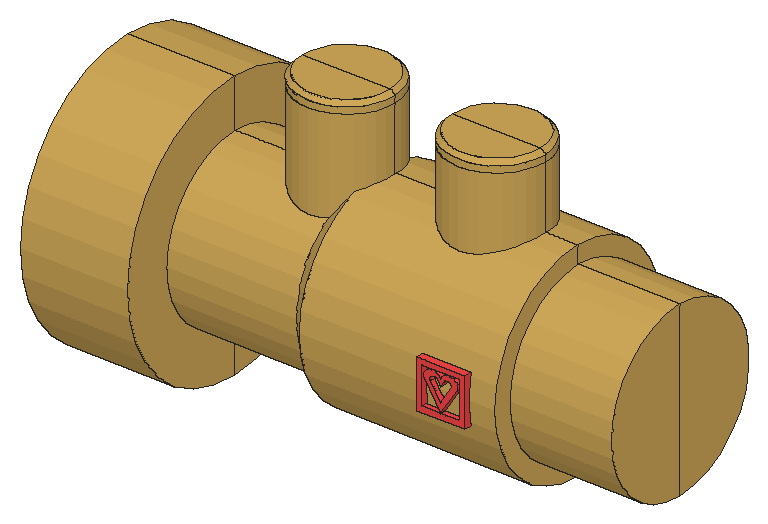
Revit family "Обратный клапан 2623", category Rohrzubehör, Revit 2019
Family settings
  Bemaßung runder Anschluss = Durchmesser verwenden
  Teiletyp = Unterbricht
  OmniClass-Nummer = 23.65.55.14
  OmniClass-Titel = Valves for Liquid Services
  Arbeitsebenenbasiert = Nein
  Immer vertikal = Ja
  Beim Laden mit Abzugskörper schneiden = Nein
  Gemeinsam genutzt = Nein
Parameters
  Уплотнение = "EPDM"  # constant formula
  Резьба = "согласно ISO 228"  # constant formula
  Примечание = "В соответствии со статьей 33 Регламента REACH (Registration; Evaluation; Authorisation; Restriction of Chemicals) (EC № 1907/2006) мы обязаны указать, что свинец внесен в список SVHC (Substances of Very High Concern - вещества очень высокой важности) и весовой процент свинца во всех латунных компонентах заводского изготовления в наших изделиях, превышает 0,1 % (w/w) (CAS: 7439-92-1 / EINECS: 231-100-4).\r\nПоскольку свинец является легирующим компонентом сплава, прямое негативное влияние исключается, и поэтому дополнительной информации о безопасном использовании не требуется."
  Область применения = "Может использоваться в системах отопления, в инженерных системах и сооружениях для предотвращения движения потока в обратном направлении.\r\nЭто изделие может использоваться с различными средами, при этом жидкости должны быть чистыми.\r\nКлапан может монтироваться в любом положении.\r\nНаправление движения потока указано стрелкой на корпусе клапана.\r\nОбратный клапан подпружинен с помощью осевой направляющей и может работать как при высоком, так и при низком давлении.\r\nВ корпусе есть два отверстия для замеров, в каждое из которых установлены заглушки 1/4\"."
  Номер заказа [instance] = size_lookup("2623_", "Artnr", 0, Nennweite)  # 1262304
  Мин. рабочая температура (вода) = 0.5 °C  # constant formula
  Мин. рабочая температура = -10 °C  # constant formula
  Макс. рабочее давление = 1600000.0 Pa  # constant formula
  Макс. рабочая температура = 95 °C  # constant formula
  Корпус = "штампованная латунь согласно EN 12420"  # constant formula
  W01 = 45.00°  # constant formula
  URL = "www.herz-armaturen.ru"
  Заглушка = "латунь"  # constant formula
  SC_NennweiteBerechnet = 0
  SC_Dimension = ""
  SCTWSEQ = "FW;SBT_TYP_FW=\"108\";2"
  SCTWCODE = "04;14;02"  # constant formula
  S03 = 10.00 mm  # constant formula
  S02 [instance] = L00 / 2  # 44.00 mm
  S01 [instance] = (L00 / 2) + L07 - L06  # 59.00 mm
  Обратный клапан = "POM (корпус),  NBR (O-Ring), нержавеющая сталь AISI 302 (пружина)"  # constant formula
  R01 = 9.00 mm  # constant formula
  Nennweite [instance] = 32.00 mm
  Среда = "чистая вода"  # constant formula
  LO1 [instance] = if(Nennweite = 20.00 mm, 18.00 mm, if(Nennweite = 25.00 mm, 18.00 mm, if(Nennweite = 32.00 mm, 24.00 mm, 1.00 mm)))  # 24.00 mm
  L07 [instance] = size_lookup("2623_", "L7", 1.00 mm, Nennweite)  # 20.00 mm
  L06 [instance] = size_lookup("2623_", "L6", 1.00 mm, Nennweite)  # 5.00 mm
  L05 [instance] = size_lookup("2623_", "L5", 1.00 mm, Nennweite) + L04  # 53.90 mm
  L04 [instance] = size_lookup("2623_", "L4", 1.00 mm, Nennweite)  # 25.90 mm
  L03 [instance] = size_lookup("2623_", "L3", 1.00 mm, Nennweite)  # 19.00 mm
  L02 [instance] = size_lookup("2623_", "L2", 1.00 mm, Nennweite)  # 32.50 mm
  L01 [instance] = size_lookup("2623_", "L1", 1.00 mm, Nennweite)  # 2.50 mm
  L00 [instance] = size_lookup("2623_", "L", 1.00 mm, Nennweite)  # 88.00 mm
  IG [instance] = Nennweite / 2  # 16.00 mm
  Hersteller = "HERZ Armaturen Ges.m.b.H."  # constant formula
  H02 = 2.00 mm  # constant formula
  H01 [instance] = size_lookup("2623_", "H1", 1.00 mm, Nennweite)  # 31.00 mm
  GT [instance] = size_lookup("2623_", "GT", 1.00 mm, Nennweite)  # 12.00 mm
  Накидная гайка = "штампованная латунь"  # constant formula
  D04 [instance] = size_lookup("2623_", "D4", 1.00 mm, Nennweite)  # 25.00 mm
  D03 [instance] = size_lookup("2623_", "D3", 1.00 mm, Nennweite)  # 19.30 mm
  D02 [instance] = size_lookup("2623_", "D2", 1.00 mm, Nennweite)  # 16.00 mm
  D01 [instance] = size_lookup("2623_", "D1", 1.00 mm, Nennweite)  # 18.90 mm
  AG [instance] = Nennweite / 2  # 16.00 mm
Reference planes
  plane 1 "Mitte (Vorne/hinten)": y = 0
  plane 2: z = 0
  plane 3 "Mitte (Links/rechts)": x = 0
Forms (mm)
  Revolve 1, solid, material "Messing, weicher Gelbton, geschweißt", detail levels fine
    sketch origin (0, 0, 0) x (1, 0, 0) y (0, 0, 1)
      loop
        line (-44, 0) -> (44, 0) -> (44, 16) -> (25, 16) -> (25, 19.3) -> (-11.5, 19.3) -> (-14.8, 16) -> (-41.5, 16) -> (-41.5, 18.9) -> (-44, 18.9) -> (-44, 0)
      axis (-44, 0) -> (44, 0)
    angle from 0 to 360
  Revolve 2, solid, material "Messing, weicher Gelbton, geschweißt", detail levels fine
    sketch origin (0, 0, 0) x (1, 0, 0) y (0, 0, 1)
      loop
        line (-18.1, 0) -> (-9.1, 0) -> (-9.1, 31) -> (-18.1, 31) -> (-18.1, 0)
      axis (-18.1, 31) -> (-18.1, 0)
    angle from 0 to 360
  Revolve 3, solid, material "Messing, weicher Gelbton, geschweißt", detail levels fine
    sketch origin (0, 0, 0) x (1, 0, 0) y (0, 0, 1)
      loop
        line (9.9, 0) -> (18.9, 0) -> (18.9, 31) -> (9.9, 31) -> (9.9, 0)
      axis (9.9, 31) -> (9.9, 0)
    angle from 0 to 360
  Revolve 4, solid, material "Messing, weicher Gelbton, geschweißt", detail levels fine
    sketch origin (0, 0, 0) x (1, 0, 0) y (0, 0, 1)
      loop
        line (-39, 0) -> (-39, 25) -> (-59, 25) -> (-59, 16) -> (-47, 16) -> (-47, 0) -> (-39, 0)
      axis (-59, 0) -> (-39, 0)
    angle from 0 to 360
  Revolve 5, solid, material "Messing, weicher Gelbton, geschweißt", detail levels fine
    sketch origin (0, 0, 0) x (1, 0, 0) y (0, 0, 1)
      loop
        line (-18.1, 31) -> (-9.1, 31) -> (-9.1, 32.2) -> (-9.9, 33) -> (-18.1, 33) -> (-18.1, 31)
      axis (-18.1, 33) -> (-18.1, 31)
    angle from 0 to 360
  Revolve 6, solid, material "Messing, weicher Gelbton, geschweißt", detail levels fine
    sketch origin (0, 0, 0) x (1, 0, 0) y (0, 0, 1)
      loop
        line (9.9, 31) -> (18.9, 31) -> (18.9, 32.2) -> (18.1, 33) -> (9.9, 33) -> (9.9, 31)
      axis (9.9, 31) -> (9.9, 33)
    angle from 0 to 360
Lines and regions (mm)
  model lines, detail levels coarse+medium
    curve 1: line (-59, 0, 25) -> (-59, 0, -25)
    curve 2: line (-59, 0, 25) -> (44, 0, -25)
    curve 3: line (44, 0, -25) -> (44, 0, 25)
    curve 4: circle (-59, 0, 25) r 10 normal (0, -1, 0)
    curve 5: line (-59, -25, 0) -> (-59, 25, 0)
    curve 6: line (-59, 25, 0) -> (44, -25, 0)
    curve 7: line (44, -25, 0) -> (44, 25, 0)
    curve 8: circle (-59, 25, 0) r 10 normal (0, 0, 1)
Dimensions and locks
  equal spacing: Revolve 1 sketch curve, plane 3 "Mitte (Links/rechts)", Revolve 1 sketch curve
  "L00": Revolve 1 sketch curve to Revolve 1 sketch curve
  "AG": Revolve 1 sketch curve to plane 2
  "L01": Revolve 1 sketch curve to Revolve 1 sketch curve
  "L02": Revolve 1 sketch curve to Revolve 1 sketch curve
  "D01": Revolve 1 sketch curve to plane 2
  "D02": Revolve 1 sketch curve to plane 2
  "D03": Revolve 1 sketch curve to plane 2
  "L03": Revolve 1 sketch curve to Revolve 1 sketch curve
  "R01": Revolve 2 sketch curve to Revolve 2 sketch curve
  "H01": Revolve 2 sketch curve to plane 2
  "L04": Revolve 1 to Revolve 2 sketch curve
  "L05": Revolve 1 to Revolve 3 sketch curve
  "R01": Revolve 3 sketch curve to Revolve 3 sketch curve
  "H01": Revolve 3 sketch curve to plane 2
  "D03": nested 1 to plane 1 "Mitte (Vorne/hinten)"
  "LO1": nested 1 to Revolve 1
  "L06": Revolve 1 to Revolve 4 sketch curve
  "L07": Revolve 4 sketch curve to Revolve 4 sketch curve
  "GT": Revolve 4 sketch curve to Revolve 4 sketch curve
  "D04": Revolve 4 sketch curve to plane 2
  "IG": Revolve 4 sketch curve to Revolve 4 sketch curve
  "H01": Revolve 5 sketch curve to plane 2
  "H02": Revolve 5 sketch curve to Revolve 5 sketch curve
  "R01": Revolve 5 sketch curve to Revolve 5 sketch curve
  "L04": Revolve 1 to Revolve 5 sketch curve
  "R01": Revolve 6 sketch curve to Revolve 6 sketch curve
  "H01": Revolve 6 sketch curve to plane 2
  "H02": Revolve 6 sketch curve to Revolve 6 sketch curve
  "L05": Revolve 6 sketch curve to Revolve 1
  "D04": curve 2 to plane 2 to curve 1
  "D04": curve 3 to plane 2 to curve 3
  "S01": curve 1 to plane 3 "Mitte (Links/rechts)"
  "S02": curve 3 to plane 3 "Mitte (Links/rechts)"
  "S01": plane 3 "Mitte (Links/rechts)" to curve 4
  "D04": curve 5 to plane 1 "Mitte (Vorne/hinten)" to curve 6
  "D04": curve 7 to plane 1 "Mitte (Vorne/hinten)" to curve 7
  "S01": curve 5 to plane 3 "Mitte (Links/rechts)"
  "S02": plane 3 "Mitte (Links/rechts)" to curve 7
  "S01": curve 8 to plane 3 "Mitte (Links/rechts)"
  "S03": radius of curve 4
  "S03": radius of curve 8
  "W01": angle Revolve 1 sketch curve to Revolve 1 sketch curve
  "W01": angle Revolve 5 sketch curve to Revolve 5 sketch curve
  "W01": angle Revolve 6 sketch curve to Revolve 6 sketch curve
  aligned and locked: level to plane 2
Automatic sketch dimensions
  curve 4 to curve 1 = 0.00 mm
  curve 8 to curve 5 = 0.00 mm
  Revolve 1 sketch curve to level = 0.00 mm  (x2)
  Revolve 1 sketch curve to Revolve 1 sketch curve = 0.00 mm
  Revolve 1 sketch curve to Revolve 1 sketch curve = 1805.148 mm
  Revolve 2 sketch curve to level = 0.00 mm  (x2)
  Revolve 2 sketch curve to Revolve 2 sketch curve = 0.00 mm  (x2)
  Revolve 3 sketch curve to level = 0.00 mm  (x2)
  Revolve 3 sketch curve to Revolve 3 sketch curve = 0.00 mm  (x2)
  Revolve 4 sketch curve to level = 0.00 mm  (x2)
  Revolve 4 sketch curve to Revolve 4 sketch curve = 1461.53 mm
  plane 3 "Mitte (Links/rechts)" to Revolve 4 sketch curve = 1839.148 mm
  Revolve 5 sketch curve to Revolve 5 sketch curve = 0.00 mm  (x3)
  Revolve 5 sketch curve to Revolve 5 sketch curve = 0.80 mm
  Revolve 6 sketch curve to Revolve 6 sketch curve = 0.00 mm  (x3)
  Revolve 6 sketch curve to Revolve 6 sketch curve = 0.80 mm
Nested families
  nested 1: "Herz-Logo-vorne" at (15.5, -19.3, 0) x (0, 1, 0) z (0, 0, 1), type "Herz-Logo-vorne", detail levels fine
Connectors
  piping at (44, 0, 0), diameter 32, driven by "Nennweite"
    settings: on Revolve 1, index 2, connector inside diameter 609.6 mm, connector length 0.00 mm, flow factor 0, pipe flow 0.0 L/s, pressure drop 0.0 Pa, fitting loss kfactor 0, connector angle 0.00°, fixture units 0, engagement length 0.00 mm, angle of deflection 0.00°, flow configuration 0, flow direction 2, fitting loss method 0, system type 29, joint type 0, gender type 0, connector reference index -1, connector utility 0, adjustable connector no, is connector primary yes, connector description ""
  piping at (-47, 0, 0), diameter 32, driven by "Nennweite"
    settings: on Revolve 4, index 3, connector inside diameter 609.6 mm, connector length 0.00 mm, flow factor 0, pipe flow 0.0 L/s, pressure drop 0.0 Pa, fitting loss kfactor 0, connector angle 0.00°, fixture units 0, engagement length 0.00 mm, angle of deflection 0.00°, flow configuration 0, flow direction 1, fitting loss method 0, system type 29, joint type 0, gender type 0, connector reference index -1, connector utility 0, adjustable connector no, is connector primary no, connector description ""
Definition of nested family "Herz-Logo-vorne"
  Reference planes
    plane 1 "Mitte (Vorne/hinten)": y = 0
    plane 2: z = 0
    plane 3 "Mitte (Links/rechts)": x = 0
  Forms (mm)
    Extrusion 1, solid
      sketch origin (0.732, -0.018, 0.017) x (0, -1, 0) y (0, 0, 1)
        loop
          line (-0.018, -4.517) -> (4.482, -4.517) -> (4.482, 4.483) -> (-4.518, 4.483) -> (-4.518, -4.517) -> (-0.018, -4.517)
        loop
          line (-0.05, -3.48) -> (3.482, -3.48) -> (3.482, 3.483) -> (-3.518, 3.483) -> (-3.518, -3.48) -> (-0.05, -3.48)
        loop
          arc (-0.018, 2.383) -> (-1.543, 3.287) -> (-3.067, 2.383) r 1.738
          arc (-3.067, 2.383) -> (-3.191, 1.899) -> (-3.067, 1.415) r 1.009
          line (-3.067, 1.415) -> (-0.018, -3.281) -> (3.032, 1.415)
          arc (3.032, 1.415) -> (3.156, 1.899) -> (3.032, 2.383) r 1.009
          arc (3.032, 2.383) -> (1.507, 3.287) -> (-0.018, 2.383) r 1.738
        loop
          arc (1.885, 1.272) -> (2.005, 1.675) -> (1.885, 2.079) r 0.74
          arc (1.885, 2.079) -> (1.265, 2.416) -> (0.644, 2.079) r 0.74
          line (0.644, 2.079) -> (-0.018, 0.97) -> (-0.679, 2.079)
          arc (-0.679, 2.079) -> (-1.3, 2.416) -> (-1.921, 2.079) r 0.74
          arc (-1.921, 2.079) -> (-2.04, 1.675) -> (-1.921, 1.272) r 0.74
          line (-1.921, 1.272) -> (-0.018, -1.658) -> (1.885, 1.272)
      from 0 to 1.5
  Dimensions and locks
    aligned and locked: level to plane 2
